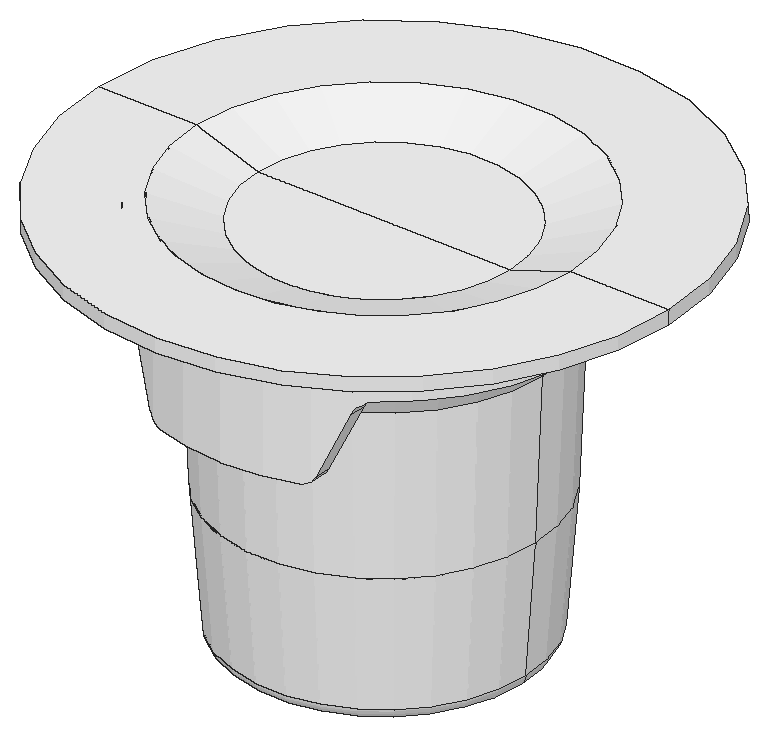
Revit family "0053546 Feilo Sylvania Lighting Fixture START SPOT LED IP65 4000K G2", category Lighting Fixtures, host Face, Revit 2017
Family settings
  Host = Face
  Round Connector Dimension = Use Diameter
  Part Type = Normal
  OmniClass Number = 23.80.70.00
  OmniClass Title = Lighting
  Cut with Voids When Loaded = No
  Light Source = Yes
  Shared = No
  Room Calculation Point = No
Parameters (values of type "0053546 START SPOT LED IP65 4000K G2")
  Weight = "3.648 kg"
  Wattage Comments = ""
  Wattage = 7 W
  WarrantyStartDate [instance] = "n/a"
  WarrantyGuarantorParts = "n/a"
  WarrantyDurationUnit = "n/a"
  WarrantyDurationParts = "n/a"
  WarrantyDescription = "n/a"
  built-in parameter 1150110 = 1 (stored number, unit not read)
  Voltage = 230 V
  VisibilityTop_FEILO = yes
  URL = "http://www.sylvania-lighting.com"
  TypeName = "START SPOT LED IP65 4000K G2"
  Type Image = <None>
  Type Comments = "n/a"
  built-in parameter 1114217 = 1 (stored number, unit not read)
  Tilt Angle = -90.00°
  built-in parameter 1150109 = 1 (stored number, unit not read)
  built-in parameter 1150134 = 12
  built-in parameter 1150113 = 1 (stored number, unit not read)
  SerialNumber [instance] = "n/a"
  RadiusOptics_FEILO = 98.5 mm
  RadiusDiffuser_FEILO = 19 mm
  RadiusCutout_FEILO = 36 mm
  Photometric Web File = "0053546.ies"
  Material_3_FEILO = none
  PowerFactor = 0
  PowerConsumption = "7 W"
  NominalLength = 86 mm
  NominalHeight = 60 mm
  NominalDepth = 86 mm
  Name = "START SPOT LED IP65 4000K G2"
  ModelReference = Name  # "START SPOT LED IP65 4000K G2"
  ModelNumber = "0053546"
  Model = Name  # "START SPOT LED IP65 4000K G2"
  Material = "polycarbonate housing, acrylic diffuser"
  ManufacturerName = "Feilo Sylvania"
  Manufacturer = "Feilo Sylvania"
  LuminousEfficacy = "81 lm/W"
  built-in parameter 1150105 = 45.12 (stored number, unit not read)
  Lumens = 567 lm
  LuminaireType = ""
  built-in parameter 1150115 = 1 (stored number, unit not read)
  LightOutputRatio = "100"
  built-in parameter 1150137 = (empty or 0)
  built-in parameter 1150139 = (empty or 0)
  LampsType = Lamp  # "LED"
  LampNominalLuminous = "525 lm"
  LampMacAdamStep = "n/a"
  LampColourTemperature = "4000 K"
  LampColourRenderingIndex = "80"
  built-in parameter 1150112 = 1 (stored number, unit not read)
  built-in parameter 1150114 = 1 (stored number, unit not read)
  Lamp = "LED"
  Keynote = "16500"
  InstallationDate [instance] = "n/a"
  InputVoltage = "220-240V~"
  InputNominalFrequency = "50/60 Hz"
  built-in parameter 1150132 = (empty or 0)
  built-in parameter 1150102 = (empty or 0)
  built-in parameter 1150107 = 4000 (stored number, unit not read)
  built-in parameter 1150138 = (empty or 0)
  IngressProtection = "IP65"
  ImpactProtectionIndex = "IK03"
  built-in parameter 1150106 = 0.4512 (stored number, unit not read)
  IfcExportType = "IfcLightFixtureType"
  IfcExportAs = "IfcLightFixtureType"
  HeightBezel_FEILO = 2 mm
  ExpectedLife = 50000
  Emit from Circle Diameter = 38 mm
  Emit Shape Visible in Rendering = no
  ElectricShockClassification = "Class II"
  built-in parameter 1150104 = 7.5251 (stored number, unit not read)
  DurationUnit = "hours"
  DocumentationLiterature = "http://www.sylvania-lighting.com/product/en-int/products/0053546"
  DimmingControlOptions = "n/a"
  Material_2_FEILO = LED-Sylvania-StartSpot
  Dimming Lamp Color Temperature Shift = <None>
  DiameterBezel_FEILO = 86 mm
  Description = "Integrated LED IP65 fixed downlight, RAL9016, 525LM, 6.5W, 4000K, 100 degree beam angle, polycarbonate white body, low profile 58mm recessed depth, 86mm bezel diameter, 68-74mm cutout, frosted lens."
  DepthDiffuser_FEILO = 3 mm
  Default Elevation = 1219.2 mm
  CreatedOn = "2/14/2018"
  CreatedBy = ""
  Cost = 0
  Color Filter = 16777215
  built-in parameter 1114216 [instance] = (empty or 0)
  ClassificationValue = "EF_70_80"
  ClassificationName = "Uniclass2015"
  Material_1_FEILO = Body-Sylvania-StartSpot-White
  BarCode [instance] = "n/a"
  built-in parameter 1114218 = 1 (stored number, unit not read)
  built-in parameter 1150133 = 10 (stored number, unit not read)
  AssetType = "Fixed"
  AssetIdentifier [instance] = "n/a"
  Assembly Code = "D5020200"
  Apparent Load = 7 VA
  Material_4_FEILO = none
Reference planes
  plane 1 "Center (Front/Back)": y = 0
  plane 2: z = 0
  plane 3 "Center (Left/Right)": x = 0
  plane 4: x = -43
  plane 5: x = 43
  plane 6: z = 2
  plane 7: z = -8
  plane 8: z = -10
  plane 9: z = -13.5
  plane 10: z = -36.5
  plane 11: z = -55
  plane 12: z = -67.625
  plane 13: x = -19
  plane 14: x = -21.5
  plane 15: x = -24
  plane 16: x = -26
  plane 17: x = -31
  plane 18: x = -17
  plane 19: z = -20
  plane 20: z = -1
  plane 21: x = -19
  plane 22: x = -29
  plane 23: x = -23
  plane 24: x = -27.2
  plane 25: x = -26
  plane 26: z = 1
  plane 27: z = 0
  plane 28: x = -12
  plane 29: y = 43
  plane 30: y = 43
  plane 31: y = -43
  plane 32: x = 31
  plane 33: x = 12
  plane 34: x = 17
  plane 35: z = -7
  plane 36: x = -36
  plane 37: x = -28.2
  plane 38: z = -57
Forms (mm)
  Revolve 1, solid, material "Body-Sylvania-StartSpot-White" <- "Material_1_FEILO"
    sketch origin (0, 0, 0) x (1, 0, 0) y (0, 0, 1)
      loop
        line (-28.2, 2) -> (-43, 2) -> (-43, 0) -> (-31, 0) -> (-31, -20) -> (-29, -20) -> (-29, -7) -> (0, -7) -> (0, -1) -> (-19, -1) -> (-28.2, 2)
      axis (0, 2) -> (0, -20)
    angle from 360 to 0
  Extrusion 2, void
    sketch origin (0, 0, 0) x (1, 0, 0) y (0, 0, 1)
      loop
        line (-31, -8) -> (-31, -20) -> (-10.333, -20)
        arc (-10.333, -20) -> (-11.72, -19.58) -> (-12.641, -18.462) r 2.5
        line (-12.641, -18.462) -> (-16.231, -9.846)
        arc (-16.231, -9.846) -> (-17.336, -8.504) -> (-19, -8) r 3
        line (-19, -8) -> (-31, -8)
      loop
        line (31, -8) -> (19, -8)
        arc (19, -8) -> (17.336, -8.504) -> (16.231, -9.846) r 3
        line (16.231, -9.846) -> (12.513, -18.769)
        arc (12.513, -18.769) -> (11.776, -19.664) -> (10.667, -20) r 2
        line (10.667, -20) -> (31, -20) -> (31, -8)
    from -43 to 43
  Revolve 3, void
    sketch origin (0, 0, 0) x (1, 0, 0) y (0, 0, 1)
      loop
        line (-36, 0) -> (-36, -67.625) -> (0, -67.625) -> (0, 0) -> (-36, 0)
      axis (0, 0) -> (0, -67.625)
    angle from 360 to 0
  Revolve 4, solid, material "Body-Sylvania-StartSpot-White" <- "Material_1_FEILO"
    sketch origin (0, 0, 0) x (1, 0, 0) y (0, 0, 1)
      loop
        line (-26, -7) -> (-26, -10) -> (-24, -13.5) -> (-23, -36.5) -> (0, -36.5) -> (0, -7) -> (-26, -7)
      axis (0, -7) -> (0, -36.5)
    angle from 360 to 0
  Revolve 5, solid, material "Body-Sylvania-StartSpot-White" <- "Material_1_FEILO", visible <- "VisibilityTop_FEILO"
    sketch origin (0, 0, 0) x (1, 0, 0) y (0, 0, 1)
      loop
        line (-23, -36.5) -> (-21.5, -55)
        arc (-21.5, -55) -> (-20.601, -56.438) -> (-19, -57) r 2.562
        line (-19, -57) -> (0, -57) -> (0, -36.5) -> (-23, -36.5)
      axis (0, -36.5) -> (0, -57)
    angle from 360 to 0
Cuts and joins
  Extrusion 2 cuts Revolve 1
Lines and regions (mm)
  reference lines
    curve 1: line (-17, 0, -8) -> (-12, 0, -20)
    curve 2: line (17, 0, -8) -> (12, 0, -20)
Dimensions and locks
  equal spacing: plane 5, plane 3 "Center (Left/Right)", plane 4
  "DiameterBezel_FEILO": plane 5 to plane 4
  "HeightBezel_FEILO": plane 6 to plane 2
  plane 3 "Center (Left/Right)" to plane 13 to plane 14 to plane 15 to plane 16 to plane 17 to plane 4 = 19 mm, 2.5 mm, 2.5 mm, 2 mm, 5 mm, 12 mm
  plane 2 to plane 7 to plane 8 to plane 9 to plane 19 to plane 10 to plane 11 to plane 12 = 8 mm locked, 2 mm locked, 3.5 mm locked, 6.5 mm locked, 16.5 mm locked, 18.5 mm locked, 12.625 mm locked
  "DepthDiffuser_FEILO": plane 6 to plane 20
  "RadiusDiffuser_FEILO": plane 3 "Center (Left/Right)" to plane 21
  locked: plane 22 to plane 17 at 2
  locked: plane 23 to plane 15 at 1
  locked: plane 25 to plane 24 at 1.2
  locked: plane 6 to plane 26 at 1
  locked: plane 27 to plane 20 at 1
  locked: plane 3 "Center (Left/Right)" to plane 28 at 12
  equal spacing: plane 31, plane 1 "Center (Front/Back)", plane 30
  "DiameterBezel_FEILO": plane 31 to plane 30
  locked: plane 32 to plane 3 "Center (Left/Right)" at 31
  locked: plane 33 to plane 3 "Center (Left/Right)" at 12
  locked: plane 34 to plane 3 "Center (Left/Right)" at 17
  locked: plane 6 to plane 35 at 9
  "RadiusCutout_FEILO": plane 3 "Center (Left/Right)" to plane 36
  locked: plane 24 to plane 37 at 1
  locked: plane 11 to plane 38 at 2
  locked: plane 3 "Center (Left/Right)" to Revolve 5 sketch curve at 19
  locked: Revolve 5 sketch curve to plane 38 at 2.563
  aligned and locked: plane 2 to host face
  aligned and locked: level to host face
  aligned and locked: Revolve 1 sketch curve to plane 3 "Center (Left/Right)"
  aligned and locked: Revolve 1 sketch curve to plane 17
  aligned and locked: plane 7 to curve 1
  aligned and locked: plane 18 to curve 1
  aligned and locked: plane 28 to curve 1
  aligned and locked: plane 19 to curve 1
  aligned and locked: plane 7 to Extrusion 2 sketch curve  (x2)
  aligned and locked: curve 1 to Extrusion 2 sketch curve
  aligned and locked: Extrusion 2 sketch curve to Revolve 1
  aligned and locked: plane 7 to curve 2
  aligned and locked: plane 19 to curve 2
  aligned and locked: Extrusion 2 sketch curve to plane 32
  aligned and locked: Extrusion 2 sketch curve to curve 2
  aligned and locked: plane 19 to Extrusion 2 sketch curve
  aligned and locked: Extrusion 2 sketch curve to plane 19
  aligned and locked: Revolve 3 sketch curve to level
  aligned and locked: Revolve 3 sketch curve to plane 3 "Center (Left/Right)"  (x2)
  aligned and locked: plane 36 to Revolve 3 sketch curve
  aligned and locked: plane 25 to plane 16
  aligned and locked: Revolve 1 sketch curve to plane 6
  aligned and locked: Revolve 1 sketch curve to plane 22
  aligned and locked: Revolve 3 sketch curve to plane 12
  aligned and locked: Revolve 1 sketch curve to plane 20
  aligned and locked: plane 37 to Revolve 1 sketch curve
  aligned and locked: Revolve 4 sketch curve to plane 3 "Center (Left/Right)"
  aligned and locked: Revolve 4 sketch curve to plane 16
  aligned and locked: plane 35 to Revolve 4 sketch curve
  aligned and locked: plane 15 to Revolve 4 sketch curve
  aligned and locked: plane 23 to Revolve 4 sketch curve
  aligned and locked: plane 10 to Revolve 4 sketch curve
  aligned and locked: plane 3 "Center (Left/Right)" to Revolve 4 sketch curve
  aligned and locked: Revolve 5 sketch curve to plane 3 "Center (Left/Right)"
  aligned and locked: plane 11 to Revolve 5 sketch curve
  aligned and locked: Revolve 5 sketch curve to Revolve 4  (x2)
  aligned and locked: plane 3 "Center (Left/Right)" to Revolve 5 sketch curve
  aligned and locked: Revolve 5 sketch curve to plane 38
  aligned and locked: imposter light to plane 20
  aligned and locked: plane 3 "Center (Left/Right)" to imposter light
  aligned and locked: imposter light to plane 1 "Center (Front/Back)"
Automatic sketch dimensions
  host sketch curve to host sketch curve = 2438.4 mm  (x2)
  curve 2 to plane 33 = 0 mm
  curve 2 to plane 34 = 0 mm
  Extrusion 2 sketch curve to plane 13 = 0 mm
  Extrusion 2 sketch curve to plane 8 = 0.154 mm  (x2)
  Extrusion 2 sketch curve to plane 28 = 0.641 mm
  plane 28 to Extrusion 2 sketch curve = 1.667 mm
  Extrusion 2 sketch curve to plane 33 = 1.333 mm
  plane 33 to Extrusion 2 sketch curve = 0.513 mm
  plane 34 to Extrusion 2 sketch curve = 2 mm
  plane 12 to Revolve 3 sketch curve = 551.6 mm
  Revolve 3 sketch curve to plane 6 = 2607.058 mm
  Revolve 1 sketch curve to plane 4 = 0 mm
  Revolve 1 sketch curve to plane 21 = 0 mm
  Revolve 1 sketch curve to plane 3 "Center (Left/Right)" = 0 mm
  Revolve 1 sketch curve to plane 19 = 0 mm
  Revolve 1 sketch curve to plane 35 = 0 mm
  Revolve 1 sketch curve to level = 0 mm
  plane 12 to Revolve 1 sketch curve = 551.6 mm
  Revolve 1 sketch curve to plane 6 = 2606.058 mm
  Revolve 4 sketch curve to plane 9 = 0 mm
  Revolve 4 sketch curve to plane 8 = 0 mm
  plane 12 to Revolve 4 sketch curve = 541.975 mm
  Revolve 4 sketch curve to plane 6 = 2607.058 mm
  plane 12 to Revolve 5 sketch curve = 541.975 mm
  Revolve 5 sketch curve to plane 6 = 2607.058 mm
Connectors
  electrical at (0, 0, 0), driven by "Apparent Load", driven by "PowerFactor", driven by "Voltage"
    settings: index 1, voltage 230 V, apparent load 7 VA, apparent load phase1 0 VA, apparent load phase2 0 VA, apparent load phase3 0 VA, power factor 0, load classification "Lighting", number of poles 1, system type 30, power factor state 1, is connector primary yes, connector utility no, sub classification motor no, connector description ""
